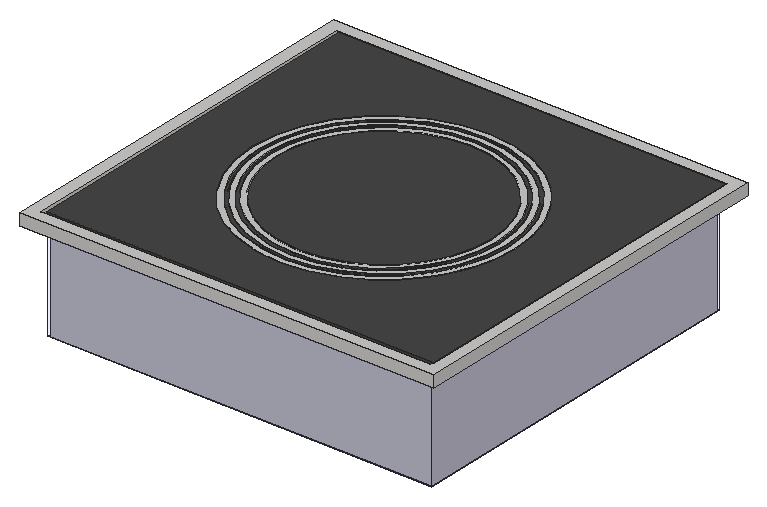
Revit family "QF_Vollrath_69505", category Specialty Equipment, Revit 2016
Family settings
  Part Type = Normal
  Round Connector Dimension = Use Diameter
  OmniClass Number = 23.40.40.14.17.14
  OmniClass Title = Hot Plates
  Work Plane-Based = No
  Always vertical = Yes
  Cut with Voids When Loaded = No
  Shared = No
  Room Calculation Point = No
Parameters (values of type "240V")
  Weight in Pounds = 27
  Watts = 3500 W
  Watermarked By = "http://revitwatermark.com"
  Volts = 240 V
  URL Cutsheet = ""
  URL = "www.vollrathco.com"
  Status [instance] = ""
  Specification by User [instance] = ""
  Specification by Manufacturer [instance] = ""
  Serial Number [instance] = ""
  Revision Code [instance] = ""
  Phase = 1
  Number of Poles = 1
  NAFEM Spec ID Number [instance] = ""
  Model = "69505"
  Masterspec [instance] = ""
  Manufacturer = "Vollrath"
  Item Number [instance] = "-"
  Installed By [instance] = ""
  Height AFF [instance] = 2' - 11"
  Furnished By [instance] = ""
  Foodservice Equipment Identifier [instance] = yes
  FL Amps = 14.6 A
  Electrical Remarks [instance] = ""
  Electric Connection Type [instance] = ""
  Elec Conn RI Height [instance] = 0' - 0"
  Elec Conn Connection Height [instance] = Height AFF - 0' 2 5/8"  # 2' - 8 3/8"
  Description = "Induction Range, Drop-In"
  Cycle = 60 Hz
  Conn Plug = "NEMA 6-20P"
  CSI MasterFormat = "11 44 00"
  Assembly Code = "E1090320"
  Apparent Power = Volts * FL Amps  # 3504 VA
Types (3): name | Watts | Volts | Height AFF | Elec Conn Connection Height | Apparent Power
  (no name) | 3500 W | 240 V | 2' - 11" | 2' - 8 3/8" | 3504 VA
  208V | 3000 W | 208 V | 3' - 0" | 2' - 9 3/8" | 3036.8 VA
  240V | 3500 W | 240 V | 2' - 11" | 2' - 8 3/8" | 3504 VA
Reference planes (in)
  plane 1 "BACK": y = 0
  plane 2: z = 0
  plane 3 "LEFT": x = -25.3466
  plane 4 "RIGHT": x = -7.9716
  plane 5 "FRONT": y = -16.5
  plane 6 "Bottom Left": x = -24.6591
  plane 7 "Bottom Right": x = -8.6591
  plane 8 "Bottom Back": y = -0.75
  plane 9 "Bottom Front": y = -15.75
  plane 10 "Table Top": z = 35
  plane 11 "BOTTOM": z = 30.25
  plane 12: z = 34.5
  plane 13: y = 3
  plane 14: z = 29.25
Forms (in)
  Extrusion 1, solid, material "QF_Finishes_Stainless Steel"
    sketch origin (0, 0, 30.25) x (0, 1, 0) y (-1, 0, 0)
      loop
        line (-0.75, 24.6591) -> (-15.75, 24.6591) -> (-15.75, 8.6591) -> (-0.75, 8.6591) -> (-0.75, 24.6591)
    from 0 to 4.25
  Extrusion 2, solid, material "QF_Finishes_Stainless Steel"
    sketch origin (0, 0, 35) x (0, 1, 0) y (-1, 0, 0)
      loop
        line (0, 25.3466) -> (-16.5, 25.3466) -> (-16.5, 7.9716) -> (0, 7.9716) -> (0, 25.3466)
      loop
        line (-16, 24.8466) -> (-16, 8.4716) -> (-0.5, 8.4716) -> (-0.5, 24.8466) -> (-16, 24.8466)
    from 0 to -0.5
  Extrusion 3, solid, material "QF_Finishes_Glazed Black"
    sketch origin (0, 0, 35) x (0, 1, 0) y (-1, 0, 0)
      loop
        line (-0.5, 24.7216) -> (-15.875, 24.7216) -> (-15.875, 8.4716) -> (-0.5, 8.4716) -> (-0.5, 24.7216)
      loop
        circle (-8.25, 16.6591) r 5.5
      loop
        circle (-8.25, 16.6591) r 5.25
      loop
        circle (-8.25, 16.6591) r 5.125
      loop
        circle (-8.25, 16.6591) r 4.875
      loop
        circle (-8.25, 16.6591) r 4.75
      loop
        circle (-8.25, 16.6591) r 4.5
    from 0 to -0.5
  Extrusion 4, solid, material "QF_Finishes_Stainless Steel"
    sketch origin (0, 0, 35) x (0, 1, 0) y (-1, 0, 0)
      loop
        circle (-8.25, 16.6591) r 5.5
      loop
        circle (-8.25, 16.6591) r 5.25
      loop
        circle (-8.25, 16.6591) r 5.125
      loop
        circle (-8.25, 16.6591) r 4.875
      loop
        circle (-8.25, 16.6591) r 4.75
      loop
        circle (-8.25, 16.6591) r 4.5
    from 0 to -0.5
  Extrusion 5, solid, material "QF_Finishes_Clearances", detail levels coarse
    sketch origin (0, 0, 30.25) x (0, 1, 0) y (-1, 0, 0)
      loop
        line (3, 25.3466) -> (0, 25.3466) -> (0, 7.9716) -> (3, 7.9716) -> (3, 25.3466)
    from -1 to 4.25
  Extrusion 6, solid, material "QF_Finishes_Clearances", detail levels coarse
    sketch origin (0, 0, 30.25) x (0, 1, 0) y (-1, 0, 0)
      loop
        line (0, 25.3466) -> (-16.5, 25.3466) -> (-16.5, 7.9716) -> (0, 7.9716) -> (0, 25.3466)
    from 0 to -1
  Extrusion 7, solid, material "QF_Finishes_Clearances"
    sketch origin (0, 0, 30.25) x (0, 1, 0) y (-1, 0, 0)
      loop
        line (-0.75, 8.6591) -> (-0.75, 24.6591) -> (-15.75, 24.6591) -> (-15.75, 8.6591) -> (-0.75, 8.6591)
      loop
        line (-0.6875, 8.5966) -> (-0.6875, 24.7216) -> (-15.8125, 24.7216) -> (-15.8125, 8.5966) -> (-0.6875, 8.5966)
    from 0 to 4.25
Lines and regions (in)
  symbolic lines
    curve 1: line (-25.3466, 0, 30.25) -> (-7.9716, 0, 30.25)
    curve 2: line (-25.3466, -16.5, 30.25) -> (-25.3466, 0, 30.25)
    curve 3: line (-7.9716, -16.5, 30.25) -> (-25.3466, -16.5, 30.25)
    curve 4: line (-7.9716, 0, 30.25) -> (-7.9716, -16.5, 30.25)
    curve 5: line (-24.7216, -0.5, 30.25) -> (-24.7216, -16, 30.25)
    curve 6: line (-8.4716, -0.5, 30.25) -> (-24.7216, -0.5, 30.25)
    curve 7: line (-8.4716, -16, 30.25) -> (-8.4716, -0.5, 30.25)
    curve 8: line (-24.7216, -16, 30.25) -> (-8.4716, -16, 30.25)
    curve 9: arc (-16.6591, -13.75, 30.25) -> (-11.1591, -8.25, 30.25) -> (-16.6591, -2.75, 30.25) r 5.5
    curve 10: arc (-16.6591, -2.75, 30.25) -> (-22.1591, -8.25, 30.25) -> (-16.6591, -13.75, 30.25) r 5.5
    curve 11: arc (-16.6591, -3.125, 30.25) -> (-21.7841, -8.25, 30.25) -> (-16.6591, -13.375, 30.25) r 5.125
    curve 12: arc (-16.6591, -3.5, 30.25) -> (-21.4091, -8.25, 30.25) -> (-16.6591, -13, 30.25) r 4.75
    curve 13: arc (-16.6591, -13.375, 30.25) -> (-11.5341, -8.25, 30.25) -> (-16.6591, -3.125, 30.25) r 5.125
    curve 14: arc (-16.6591, -13, 30.25) -> (-11.9091, -8.25, 30.25) -> (-16.6591, -3.5, 30.25) r 4.75
  symbolic lines, style "QF_Clearances"
    curve 15: line (-25.3466, 3, 30.25) -> (-7.9716, 3, 30.25)
  model lines, style "QF_Cutout"
    curve 16: line (-24.7216, -15.8125, 35) -> (-24.7216, -15.8125, 41)
    curve 17: line (-8.5966, -15.8125, 35) -> (-8.5966, -15.8125, 41)
    curve 18: line (-24.7216, -0.6875, 35) -> (-24.7216, -0.6875, 41)
    curve 19: line (-8.5966, -0.6875, 35) -> (-8.5966, -0.6875, 41)
Dimensions and locks (in)
  locked: plane 4 "RIGHT" to plane 3 "LEFT" at 17.375
  locked: plane 5 "FRONT" to plane 1 "BACK" at 16.5
  locked: plane 3 "LEFT" to plane 6 "Bottom Left" at 0.6875
  locked: plane 7 "Bottom Right" to plane 4 "RIGHT" at 0.6875
  locked: plane 1 "BACK" to plane 8 "Bottom Back" at 0.75
  locked: plane 9 "Bottom Front" to plane 5 "FRONT" at 0.75
  "Height AFF": plane 10 "Table Top" to plane 2
  locked: plane 10 "Table Top" to plane 12 at 0.5
  locked: plane 10 "Table Top" to plane 11 "BOTTOM" at 4.75
  locked: Extrusion 2 sketch curve to plane 5 "FRONT" at 0.5
  locked: Extrusion 2 sketch curve to plane 1 "BACK" at 0.5
  locked: plane 3 "LEFT" to Extrusion 2 sketch curve at 0.5
  locked: Extrusion 2 sketch curve to plane 4 "RIGHT" at 0.5
  locked: Extrusion 3 sketch curve to plane 1 "BACK" at 0.5
  locked: Extrusion 3 sketch curve to plane 5 "FRONT" at 0.625
  locked: plane 3 "LEFT" to Extrusion 3 sketch curve at 0.625
  locked: Extrusion 3 sketch curve to plane 4 "RIGHT" at 0.5
  locked: plane 13 to plane 1 "BACK" at 3
  locked: plane 11 "BOTTOM" to plane 14 at 1
  locked: Extrusion 7 sketch curve to plane 6 "Bottom Left" at 0.0625
  locked: plane 7 "Bottom Right" to Extrusion 7 sketch curve at 0.0625
  locked: Extrusion 7 sketch curve to plane 8 "Bottom Back" at 0.0625
  locked: Extrusion 7 sketch curve to plane 9 "Bottom Front" at 0.0625
  aligned and locked: level to plane 2
  aligned and locked: Extrusion 1 sketch curve to plane 8 "Bottom Back"
  aligned and locked: plane 6 "Bottom Left" to Extrusion 1 sketch curve
  aligned and locked: plane 9 "Bottom Front" to Extrusion 1 sketch curve
  aligned and locked: Extrusion 1 sketch curve to plane 7 "Bottom Right"
  aligned and locked: plane 12 to Extrusion 1
  aligned and locked: plane 1 "BACK" to Extrusion 2 sketch curve
  aligned and locked: plane 3 "LEFT" to Extrusion 2 sketch curve
  aligned and locked: Extrusion 2 sketch curve to plane 5 "FRONT"
  aligned and locked: Extrusion 2 sketch curve to plane 4 "RIGHT"
  aligned and locked: Extrusion 2 to plane 12
  aligned and locked: Extrusion 3 to plane 12
  aligned and locked: Extrusion 4 to plane 12
  aligned and locked: Extrusion 5 sketch curve to plane 13
  aligned and locked: Extrusion 5 sketch curve to plane 4 "RIGHT"
  aligned and locked: Extrusion 5 sketch curve to plane 1 "BACK"
  aligned and locked: plane 3 "LEFT" to Extrusion 5 sketch curve
  aligned: plane 10 "Table Top" to Extrusion 5
  aligned and locked: plane 3 "LEFT" to Extrusion 6 sketch curve
  aligned and locked: plane 1 "BACK" to Extrusion 6 sketch curve
  aligned and locked: Extrusion 6 sketch curve to plane 4 "RIGHT"
  aligned and locked: Extrusion 6 sketch curve to plane 5 "FRONT"
  aligned and locked: Extrusion 6 to plane 14
  aligned and locked: Extrusion 5 to plane 14
  aligned and locked: plane 1 "BACK" to curve 1
  aligned and locked: curve 4 to plane 4 "RIGHT"
  aligned and locked: plane 3 "LEFT" to curve 2
  aligned and locked: curve 3 to plane 5 "FRONT"
  aligned: curve 5 to Extrusion 3
  aligned and locked: curve 6 to Extrusion 3
  aligned and locked: curve 7 to Extrusion 3
  aligned and locked: curve 9 to Extrusion 4
  aligned and locked: curve 10 to Extrusion 4
  aligned and locked: curve 11 to Extrusion 4
  aligned and locked: curve 12 to Extrusion 4
  aligned and locked: curve 13 to Extrusion 4
  aligned and locked: curve 14 to Extrusion 4
  aligned and locked: curve 15 to plane 13
  aligned and locked: plane 12 to Extrusion 5
  aligned and locked: Extrusion 7 sketch curve to plane 9 "Bottom Front"
  aligned and locked: plane 7 "Bottom Right" to Extrusion 7 sketch curve
  aligned and locked: plane 8 "Bottom Back" to Extrusion 7 sketch curve
  aligned and locked: plane 12 to Extrusion 7
Automatic sketch dimensions
  Extrusion 3 sketch curve to plane 8 "Bottom Back" = 0' - 7 1/2"
  plane 6 "Bottom Left" to Extrusion 3 sketch curve = 0' - 8"
  Extrusion 3 sketch curve to Extrusion 3 sketch curve = 0' - 0"  (x10)
  Extrusion 4 sketch curve to plane 8 "Bottom Back" = 0' - 7 1/2"
  plane 6 "Bottom Left" to Extrusion 4 sketch curve = 0' - 8"
  Extrusion 4 sketch curve to Extrusion 4 sketch curve = 0' - 0"  (x10)
  curve 15 to plane 4 "RIGHT" = 0' - 0"
  curve 15 to plane 3 "LEFT" = 0' - 0"
  curve 16 to Extrusion 7 = 0' - 0"
  curve 17 to Extrusion 7 = 0' - 0 1/2"
  curve 16 to Extrusion 7 = 0' - 0 1/2"
  curve 17 to curve 17 = 0' - 6"
  curve 16 to curve 16 = 0' - 6"
  Extrusion 7 to curve 19 = 0' - 0"
  Extrusion 7 to curve 18 = 0' - 0"
  curve 19 to Extrusion 7 = 0' - 0 1/2"
  curve 18 to Extrusion 7 = 0' - 0 1/2"
  curve 19 to curve 19 = 0' - 6"
  curve 18 to curve 18 = 0' - 6"
  curve 17 to Extrusion 7 = 0' - 0"
  curve 6 to plane 6 "Bottom Left" = 0' - 0 1/16"
  curve 5 to plane 9 "Bottom Front" = 0' - 0 1/4"
  Extrusion 7 sketch curve to plane 6 "Bottom Left" = 0' - 0"
  radius of Extrusion 3 sketch curve = 0' - 5 1/2"
  radius of Extrusion 3 sketch curve = 0' - 5 1/4"
  radius of Extrusion 3 sketch curve = 0' - 5 1/8"
  radius of Extrusion 3 sketch curve = 0' - 4 7/8"
  radius of Extrusion 3 sketch curve = 0' - 4 3/4"
  radius of Extrusion 3 sketch curve = 0' - 4 1/2"
  radius of Extrusion 4 sketch curve = 0' - 5 1/2"
  radius of Extrusion 4 sketch curve = 0' - 5 1/4"
  radius of Extrusion 4 sketch curve = 0' - 5 1/8"
  radius of Extrusion 4 sketch curve = 0' - 4 7/8"
  radius of Extrusion 4 sketch curve = 0' - 4 3/4"
  radius of Extrusion 4 sketch curve = 0' - 4 1/2"
Connectors (in)
  electrical at (-16.6591, -0.75, 32.375), driven by "Number of Poles", driven by "Volts", driven by "Apparent Power"
    settings: on Extrusion 1, index 1, voltage 240 V, apparent load 3504 VA, apparent load phase1 0 VA, apparent load phase2 0 VA, apparent load phase3 0 VA, power factor 1, load classification "Other", number of poles 1, system type 30, power factor state 1, is connector primary yes, connector utility no, sub classification motor no, connector description "Electric"
